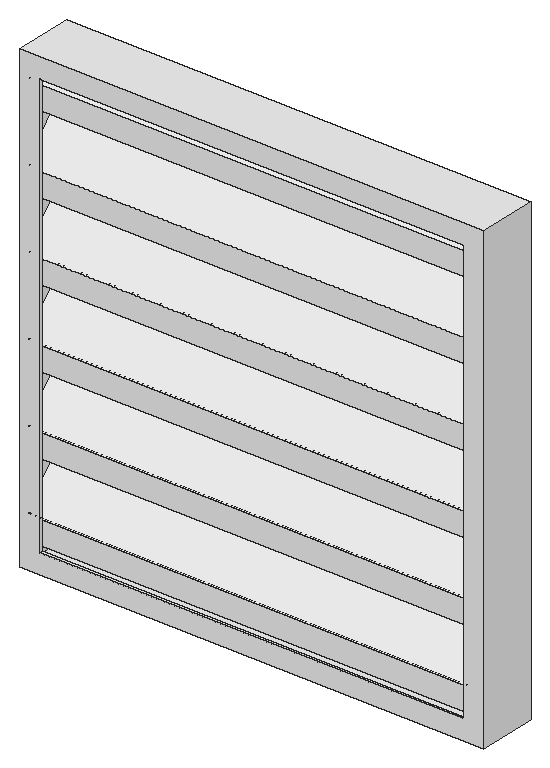
Revit family "Ventüer_VentilationLouvres_VL-70S", category Generic Models, Revit 2020
Family settings
  Can host rebar = No
  Round Connector Dimension = Use Diameter
  Part Type = Normal
  Work Plane-Based = Yes
  Always vertical = No
  Cut with Voids When Loaded = Yes
  Shared = No
  Room Calculation Point = No
Parameters (values of type "VL-70S_CF")
  Ventüer Product Range = "Ventilation Louvres"  # constant formula
  URL = "https://www.ventuer.co/products/ventilation-louvres/vl-70s"
  Top Blade Height = Overall Opening Height - (Blade And Frame Gap + Blade Cut Offset)  # 60 mm
  Tee = if(Exact Neck Height - 1000 mm > 0 mm, 1 = 1, 1 = 0)  # no
  Static Pressure Min = 10.0 Pa
  Static Pressure Max = 60.0 Pa
  Specified Pressure Drop = 21.0 Pa
  Specified Air Flow = 0.0 L/s
  Single Transition = if(Frame Set Count = 2, 1 = 1, 1 = 0)  # no
  Single Frame Set Width = Frame Set Width / Frame Set Count Check  # 294 mm
  Single Frame Set = if(Frame Set Count = 1, 1 = 1, 1 = 0)  # yes
  Screen Symbol Distance = 3 mm
  Flatbar = if(Exact Neck Height - 1000 mm < 0 mm, 1 = 1, 1 = 0)  # yes
  Blade Offset = 3 mm
  Rain Defence Performance = ""
  Profile Width = 3 mm
  Overall Opening Width = Exact Neck Width Check - (Profile Width * 2)  # 588 mm
  Overall Opening Height = Exact Neck Height Check - (Profile Width + Base Width)  # 588 mm
  Nominated Pessure Drop = if(Specified Pressure Drop > Static Pressure Max, Static Pressure Max, if(Specified Pressure Drop < Static Pressure Min, Static Pressure Min, Specified Pressure Drop))  # 21.0 Pa
  Nominated Air Flow = if(Specified Air Flow > Max Flow, Max Flow, if(Specified Air Flow < Min Flow, Min Flow, Specified Air Flow))  # 100.0 L/s
  Nominal Width = 600 mm
  Nominal Height = 600 mm
  Noise Level NC Min = "0.00 NC"
  Noise Level NC Max = "0.00 NC"
  Multiple Transition = if(Frame Set Count > 2, 1 = 1, 1 = 0)  # no
  Multiple Frame Set = if(Frame Set Count > 1, 1 = 1, 1 = 0)  # no
  Model = "VL-70S"  # constant formula
  Min Flow = 100.0 L/s
  Max Flow = 5000.0 L/s
  Manufacturer = "Ventüer"  # constant formula
  Keynote = "VL-70S_CF"
  Blade And Frame Gap = 28 mm
  Frame Set Width = Exact Neck Width Check - (Profile Width * 2)  # 588 mm
  Frame Set Transition Count Check = if(Frame Set Transition Count < 2, 2, Frame Set Transition Count)  # 2
  Frame Set Transition Count = Frame Set Count Check - 1  # 1
  Frame Set Count Check = if(Frame Set Count < 2, 2, Frame Set Count)  # 2
  Frame Set Count = roundup(Exact Neck Width Check / 1000 mm)  # 1
  Frame Material = Ventüer Aluminium
  Exact Neck Width Check = if(Exact Neck Width < 300 mm, 300 mm, if(Exact Neck Width > 4000 mm, 4000 mm, Exact Neck Width))  # 594 mm
  Exact Neck Width = Nominal Width - 6 mm  # 594 mm
  Exact Neck Height Check = if(Exact Neck Height < 300 mm, 300 mm, if(Exact Neck Height > 6000 mm, 6000 mm, Exact Neck Height))  # 594 mm
  Exact Neck Height = Nominal Height - 6 mm  # 594 mm
  Description = "Durable Plant Screening"  # constant formula
  Depth = 75 mm
  Default Elevation = 1219.2 mm
  Connector Width = Overall Opening Width  # 588 mm
  Connector Height = Overall Opening Height  # 588 mm
  Blade Material = Ventüer Aluminium
  Blade Cut Offset = Blade Count * Blade Centres  # 500 mm
  Blade Count = (Exact Neck Height Check - (Base Width + Profile Width)) / Blade Centres - 1  # 5
  Blade Centres = 100 mm
  Base Width = 3 mm
  Ancillaries = "Bird Mesh, Insect Mesh, Solid Blanking, Electric Actuators, Manual Lever Handles, Perimeter Mounting Angle"
  Aerodynamic Performance = ""
Reference planes
  plane 1 "Front": y = 0
  plane 2: z = 0
  plane 3 "Center (Left/Right)": x = 0
  plane 4: x = 297
  plane 5: x = -297
  plane 6: y = 75
  plane 7: z = 594
  plane 8: z = 3
  plane 9: x = -294
  plane 10: x = 294
  plane 11: z = 31
  plane 12: z = 131
  plane 13: z = 531
  plane 14: z = 591
  plane 15: y = 72
  plane 16: x = 0
  plane 17: x = 294
  plane 18: y = 72
  plane 19: y = 37.5
  plane 20: z = 297
Lines and regions (mm)
  symbolic lines, style "GenericModelHiddenLines", detail levels fine
    curve 1: line (-294, 72, 0) -> (294, 72, 0)
    curve 2: line (0, 72, 3) -> (0, 72, 591)
  symbolic lines, style "GenericModel", detail levels fine
    curve 3: line (0, 75, 3) -> (0, 75, 591)
Dimensions and locks
  equal spacing: plane 5, plane 3 "Center (Left/Right)", plane 4
  "Exact Neck Width Check": plane 5 to plane 4
  "Depth": plane 1 "Front" to plane 6
  "Base Width": plane 8 to level
  "Blade And Frame Gap": plane 11 to plane 8
  "Blade Centres": plane 12 to plane 11
  "Blade Cut Offset": plane 13 to plane 11
  "Overall Opening Height": plane 14 to plane 8
  "Exact Neck Height Check": plane 7 to level
  "Profile Width": plane 5 to plane 9
  "Profile Width": plane 10 to plane 4
  equal spacing: group 1, group 2, group 3, group 4, group 5  (x3)
  "Blade Offset": plane 6 to plane 15
  "Single Frame Set Width": plane 9 to plane 16
  "Single Frame Set Width": plane 16 to plane 17
  group 6 to group 7 = 294 mm
  group 6 to group 7 = 0 mm  (x2)
  "Screen Symbol Distance": plane 6 to plane 18
  equal spacing: plane 1 "Front", plane 19, plane 6
  equal spacing: plane 7, plane 20, level
  aligned and locked: level to plane 2
  aligned and locked: plane 3 "Center (Left/Right)" to nested 1
  aligned and locked: plane 3 "Center (Left/Right)" to nested 2
  aligned and locked: plane 3 "Center (Left/Right)" to nested 3
  aligned and locked: plane 6 to nested 3
  aligned and locked: plane 3 "Center (Left/Right)" to nested 4
  aligned and locked: plane 11 to nested 1
  aligned and locked: plane 12 to nested 4
  aligned and locked: nested 1 to plane 15
  aligned and locked: nested 4 to plane 15
  aligned and locked: plane 13 to nested 2
  aligned and locked: nested 2 to plane 15
  aligned and locked: nested 9 to plane 16
  aligned and locked: nested 10 to plane 17
  aligned and locked: nested 10 to plane 15
  aligned and locked: nested 9 to plane 15
  aligned and locked: plane 9 to curve 1
  aligned and locked: curve 2 to plane 18
  aligned and locked: plane 18 to curve 1
  aligned and locked: plane 10 to curve 1
  aligned and locked: plane 14 to curve 2
  aligned and locked: plane 8 to curve 2
  aligned and locked: curve 3 to plane 6
  aligned and locked: nested 10 to plane 8
  aligned and locked: nested 9 to plane 8
  aligned and locked: plane 8 to nested 8
  aligned and locked: nested 8 to plane 15
Automatic sketch dimensions
  curve 1 to plane 18 = 0 mm
  curve 3 to plane 14 = 0 mm
  curve 3 to plane 8 = 0 mm
Nested families
  nested 1: "VL-70S_Front Blade" at (0, 72, 31), Length <- "Frame Set Width", type "VL-70S_Front Blade"
    with Length 588 mm
  nested 2: "VL-70S_Top Blade" at (0, 72, 531), type "VL-70S_Front Blade"
    with Top Blade Cut Height 60 mm, Length 588 mm
  nested 3: "VL-70S_ChannelFrame" at (0, 0, 0), type "VL-70S_Front Blade"
    with Width 594 mm, Height 594 mm
  nested 4: "VL-70S_Front Blade" at (0, 72, 131), Length <- "Frame Set Width", type "VL-70S_Front Blade"
    with Length 588 mm
  nested 5: "VL-70S_Front Blade" at (0, 72, 231), Length <- "Frame Set Width", type "VL-70S_Front Blade"
    with Length 588 mm
  nested 6: "VL-70S_Front Blade" at (0, 72, 331), Length <- "Frame Set Width", type "VL-70S_Front Blade"
    with Length 588 mm
  nested 7: "VL-70S_Front Blade" at (0, 72, 431), Length <- "Frame Set Width", type "VL-70S_Front Blade"
    with Length 588 mm
  nested 8: "VL-70SStiffener" at (0, 72, 3), visible <- "Single Transition", type "VL-70S_Stiffener"
    with Length 588 mm
  nested 9: "VL-70SStiffener" at (0, 72, 3), visible <- "Multiple Transition", type "VL-70S_Stiffener"
    with Length 588 mm
  nested 10: "VL-70SStiffener" at (294, 72, 3), visible <- "Multiple Transition", type "VL-70S_Stiffener"
    with Length 588 mm
Connectors
  hvac at (0, 75, 297), driven by "Overall Opening Height", driven by "Overall Opening Width"
    settings: on nested 3, index 1, duct flow 0.0 L/s, flow factor 0, pres drop 0.0 Pa, loss coef 0, conn angle 0.00°, conn width 588 mm, conn height 588 mm, conn diameter 609.6 mm, duct sys type 1, conn prof type 1, flow config 0, flow direction 0, loss method 0, conn ref index -1, conn util no, is conn primary yes, conn desc ""
Definition of nested family "VL-70S_Front Blade"
  Parameters (values of type "VL-70S_Front Blade")
    Length [instance] = 1000 mm
    Default Elevation = 0 mm
    Blade Material = none
  Reference planes
    plane 1 "Center (Front/Back)": y = 0
    plane 2: z = 0
    plane 3 "Center (Left/Right)": x = 0
    plane 4: x = 500
    plane 5: x = -500
  Forms (mm)
    Extrusion 1, solid, material <- "Blade Material", detail levels medium+fine
      sketch origin (-125, 410.132, -946.251) x (0, 1, 0) y (0, 0, 1)
        loop
          arc (-417.14, 1031.256) -> (-419.707, 1032.48) -> (-417.14, 1033.703) r 1.575
          arc (-417.14, 1033.703) -> (-415.872, 1033.71) -> (-415.63, 1034.954) r 1
          line (-415.63, 1034.954) -> (-416.411, 1035.735)
          arc (-416.411, 1035.735) -> (-416.557, 1036.088) -> (-416.412, 1036.441) r 0.5
          line (-416.412, 1036.441) -> (-410.132, 1042.751) -> (-410.132, 1072.751) -> (-425.132, 1072.751) -> (-425.132, 1070.751) -> (-412.132, 1070.751) -> (-412.132, 1043.577) -> (-479.133, 976.251) -> (-479.133, 946.251) -> (-464.132, 946.251) -> (-464.132, 948.251) -> (-477.132, 948.251) -> (-477.132, 975.013)
          arc (-477.132, 975.013) -> (-477.057, 975.394) -> (-476.841, 975.718) r 1
          line (-476.841, 975.718) -> (-475.609, 976.957)
          arc (-475.609, 976.957) -> (-475.284, 977.175) -> (-474.9, 977.251) r 1
          line (-474.9, 977.251) -> (-473.813, 977.251) -> (-473.813, 974.251)
          arc (-473.813, 974.251) -> (-473.667, 973.898) -> (-473.313, 973.751) r 0.5
          line (-473.313, 973.751) -> (-472.313, 973.751)
          arc (-472.313, 973.751) -> (-471.959, 973.898) -> (-471.813, 974.251) r 0.5
          line (-471.813, 974.251) -> (-471.813, 975.151)
          arc (-471.813, 975.151) -> (-471.659, 975.512) -> (-471.291, 975.651) r 0.5
          arc (-471.291, 975.651) -> (-470.013, 975.827) -> (-468.88, 976.445) r 3.575
          arc (-468.88, 976.445) -> (-468.734, 977.852) -> (-470.14, 977.999) r 1
          arc (-470.14, 977.999) -> (-472.707, 979.222) -> (-470.14, 980.445) r 1.575
          arc (-470.14, 980.445) -> (-468.858, 980.464) -> (-468.648, 981.729) r 1
          line (-468.648, 981.729) -> (-469.439, 982.381)
          arc (-469.439, 982.381) -> (-469.621, 982.742) -> (-469.476, 983.119) r 0.5
          line (-469.476, 983.119) -> (-422.021, 1030.804)
          arc (-422.021, 1030.804) -> (-421.601, 1030.948) -> (-421.233, 1030.701) r 0.5
          arc (-421.233, 1030.701) -> (-418.787, 1028.965) -> (-415.88, 1029.703) r 3.575
          arc (-415.88, 1029.703) -> (-415.734, 1031.109) -> (-417.14, 1031.256) r 1
      from -375 to 625
    Extrusion 2, solid, material <- "Blade Material", detail levels coarse
      sketch origin (-125, 410.132, -946.251) x (0, 1, 0) y (0, 0, 1)
        loop
          line (-479.133, 946.251) -> (-410.132, 946.251) -> (-410.132, 1072.751) -> (-425.132, 1072.751) -> (-425.132, 1030.514) -> (-479.133, 976.251) -> (-479.133, 946.251)
      from -375 to 625
  Dimensions and locks
    equal spacing: plane 4, plane 3 "Center (Left/Right)", plane 5
    "Length": plane 4 to plane 5
    aligned and locked: level to plane 2
    aligned and locked: plane 4 to Extrusion 1
    aligned and locked: plane 5 to Extrusion 1
    aligned and locked: plane 4 to Extrusion 2
    aligned and locked: plane 5 to Extrusion 2
  Automatic sketch dimensions
    Extrusion 2 sketch curve to level = 0 mm
    Extrusion 2 sketch curve to plane 1 "Center (Front/Back)" = 0 mm
    plane 1 "Center (Front/Back)" to Extrusion 2 sketch curve = 15 mm
    Extrusion 2 sketch curve to Extrusion 2 sketch curve = 69 mm
    level to Extrusion 2 sketch curve = 30 mm
    Extrusion 2 sketch curve to Extrusion 2 sketch curve = 54.263 mm
    Extrusion 2 sketch curve to Extrusion 2 sketch curve = 42.238 mm
    Extrusion 1 sketch curve to Extrusion 1 sketch curve = 0 mm  (x9)
    Extrusion 1 sketch curve to level = 0 mm
    Extrusion 1 sketch curve to plane 1 "Center (Front/Back)" = 0 mm
    plane 1 "Center (Front/Back)" to Extrusion 1 sketch curve = 2 mm
    plane 1 "Center (Front/Back)" to Extrusion 1 sketch curve = 5.498 mm
    Extrusion 1 sketch curve to Extrusion 1 sketch curve = 0.427 mm
    Extrusion 1 sketch curve to Extrusion 1 sketch curve = 0.354 mm  (x5)
    Extrusion 1 sketch curve to Extrusion 1 sketch curve = 0.88 mm  (x2)
    Extrusion 1 sketch curve to Extrusion 1 sketch curve = 1.622 mm  (x2)
    Extrusion 1 sketch curve to Extrusion 1 sketch curve = 3.535 mm
    Extrusion 1 sketch curve to Extrusion 1 sketch curve = 13 mm  (x2)
    plane 1 "Center (Front/Back)" to Extrusion 1 sketch curve = 54 mm
    Extrusion 1 sketch curve to Extrusion 1 sketch curve = 4.516 mm
    Extrusion 1 sketch curve to Extrusion 1 sketch curve = 0.473 mm
    Extrusion 1 sketch curve to Extrusion 1 sketch curve = 0.318 mm
    Extrusion 1 sketch curve to Extrusion 1 sketch curve = 0.862 mm
    Extrusion 1 sketch curve to Extrusion 1 sketch curve = 1.803 mm
    Extrusion 1 sketch curve to Extrusion 1 sketch curve = 0.5 mm  (x2)
    Extrusion 1 sketch curve to Extrusion 1 sketch curve = 1 mm
    Extrusion 1 sketch curve to Extrusion 1 sketch curve = 2 mm  (x7)
    Extrusion 1 sketch curve to Extrusion 1 sketch curve = 1.087 mm
    level to Extrusion 1 sketch curve = 30.705 mm
    Extrusion 1 sketch curve to Extrusion 1 sketch curve = 0.709 mm  (x2)
    Extrusion 1 sketch curve to Extrusion 1 sketch curve = 1.232 mm
    level to Extrusion 1 sketch curve = 29.467 mm
    level to Extrusion 1 sketch curve = 2 mm
    level to Extrusion 1 sketch curve = 30 mm
    Extrusion 1 sketch curve to Extrusion 1 sketch curve = 1.262 mm
    Extrusion 1 sketch curve to Extrusion 1 sketch curve = 0.9 mm
    Extrusion 1 sketch curve to Extrusion 1 sketch curve = 0.705 mm
    Extrusion 1 sketch curve to Extrusion 1 sketch curve = 2.071 mm
    Extrusion 1 sketch curve to Extrusion 1 sketch curve = 0.507 mm
    Extrusion 1 sketch curve to Extrusion 1 sketch curve = 0.652 mm
    Extrusion 1 sketch curve to Extrusion 1 sketch curve = 0.386 mm
    Extrusion 1 sketch curve to Extrusion 1 sketch curve = 47.685 mm
    Extrusion 1 sketch curve to Extrusion 1 sketch curve = 0.028 mm
    Extrusion 1 sketch curve to Extrusion 1 sketch curve = 0.353 mm
    Extrusion 1 sketch curve to Extrusion 1 sketch curve = 0.474 mm
    Extrusion 1 sketch curve to Extrusion 1 sketch curve = 0.781 mm
    Extrusion 1 sketch curve to Extrusion 1 sketch curve = 6.31 mm
    Extrusion 1 sketch curve to Extrusion 1 sketch curve = 0.826 mm
    Extrusion 1 sketch curve to Extrusion 1 sketch curve = 27.174 mm
    Extrusion 1 sketch curve to Extrusion 1 sketch curve = 0.63 mm  (x2)
Definition of nested family "VL-70S_Top Blade"
  Parameters (values of type "VL-70S_Front Blade")
    Top Blade Cut Height = 66 mm
    Length = 3094 mm
    Default Elevation = 0 mm
    Blade Material = none
  Reference planes
    plane 1 "Center (Front/Back)": y = 0
    plane 2: z = 0
    plane 3 "Center (Left/Right)": x = 0
    plane 4: x = 1547
    plane 5: x = -1547
    plane 6: z = 126.5
    plane 7: z = 136.5
    plane 8: y = -69
    plane 9: y = -79
    plane 10: y = 10
    plane 11: z = 66
  Forms (mm)
    Extrusion 1, void
      sketch origin (0, 0, 0) x (0, 1, 0) y (0, 0, 1)
        loop
          line (10, 66) -> (10, 136.5) -> (-79, 136.5) -> (-79, 66) -> (10, 66)
      from -1547 to 1547
    Extrusion 2, solid, material <- "Blade Material", detail levels medium+fine
      sketch origin (-125, 410.132, -946.251) x (0, 1, 0) y (0, 0, 1)
        loop
          arc (-417.14, 1031.256) -> (-419.707, 1032.48) -> (-417.14, 1033.703) r 1.575
          arc (-417.14, 1033.703) -> (-415.872, 1033.71) -> (-415.63, 1034.954) r 1
          line (-415.63, 1034.954) -> (-416.411, 1035.735)
          arc (-416.411, 1035.735) -> (-416.557, 1036.088) -> (-416.412, 1036.441) r 0.5
          line (-416.412, 1036.441) -> (-410.132, 1042.751) -> (-410.132, 1072.751) -> (-425.132, 1072.751) -> (-425.132, 1070.751) -> (-412.132, 1070.751) -> (-412.132, 1043.577) -> (-479.133, 976.251) -> (-479.133, 946.251) -> (-464.132, 946.251) -> (-464.132, 948.251) -> (-477.132, 948.251) -> (-477.132, 975.013)
          arc (-477.132, 975.013) -> (-477.057, 975.394) -> (-476.841, 975.718) r 1
          line (-476.841, 975.718) -> (-475.609, 976.957)
          arc (-475.609, 976.957) -> (-475.284, 977.175) -> (-474.9, 977.251) r 1
          line (-474.9, 977.251) -> (-473.813, 977.251) -> (-473.813, 974.251)
          arc (-473.813, 974.251) -> (-473.667, 973.898) -> (-473.313, 973.751) r 0.5
          line (-473.313, 973.751) -> (-472.313, 973.751)
          arc (-472.313, 973.751) -> (-471.959, 973.898) -> (-471.813, 974.251) r 0.5
          line (-471.813, 974.251) -> (-471.813, 975.151)
          arc (-471.813, 975.151) -> (-471.659, 975.512) -> (-471.291, 975.651) r 0.5
          arc (-471.291, 975.651) -> (-470.013, 975.827) -> (-468.88, 976.445) r 3.575
          arc (-468.88, 976.445) -> (-468.734, 977.852) -> (-470.14, 977.999) r 1
          arc (-470.14, 977.999) -> (-472.707, 979.222) -> (-470.14, 980.445) r 1.575
          arc (-470.14, 980.445) -> (-468.858, 980.464) -> (-468.648, 981.729) r 1
          line (-468.648, 981.729) -> (-469.439, 982.381)
          arc (-469.439, 982.381) -> (-469.621, 982.742) -> (-469.476, 983.119) r 0.5
          line (-469.476, 983.119) -> (-422.021, 1030.804)
          arc (-422.021, 1030.804) -> (-421.601, 1030.948) -> (-421.233, 1030.701) r 0.5
          arc (-421.233, 1030.701) -> (-418.787, 1028.965) -> (-415.88, 1029.703) r 3.575
          arc (-415.88, 1029.703) -> (-415.734, 1031.109) -> (-417.14, 1031.256) r 1
      from -1422 to 1672
    Extrusion 3, solid, material <- "Blade Material", detail levels coarse
      sketch origin (-125, 410.132, -946.251) x (0, 1, 0) y (0, 0, 1)
        loop
          line (-479.133, 946.251) -> (-410.132, 946.251) -> (-410.132, 1072.751) -> (-425.132, 1072.751) -> (-425.132, 1030.514) -> (-479.133, 976.251) -> (-479.133, 946.251)
      from -1422 to 1672
  Cuts and joins
    Extrusion 1 cuts Extrusion 3
    Extrusion 1 cuts Extrusion 2
  Dimensions and locks
    equal spacing: plane 4, plane 3 "Center (Left/Right)", plane 5
    "Length": plane 4 to plane 5
    "Top Blade Cut Height": plane 11 to level
    locked: plane 10 to plane 1 "Center (Front/Back)" at 10
    locked: plane 8 to plane 9 at 10
    locked: plane 6 to plane 7 at 10
    aligned and locked: level to plane 2
    aligned and locked: plane 5 to Extrusion 2
    aligned and locked: plane 4 to Extrusion 2
    aligned and locked: plane 4 to Extrusion 3
    aligned and locked: plane 5 to Extrusion 3
    aligned and locked: plane 4 to Extrusion 1
    aligned and locked: plane 5 to Extrusion 1
    aligned and locked: plane 10 to Extrusion 1 sketch curve
    aligned and locked: Extrusion 1 sketch curve to plane 7
    aligned and locked: Extrusion 1 sketch curve to plane 9
    aligned and locked: plane 11 to Extrusion 1 sketch curve
  Automatic sketch dimensions
    Extrusion 2 sketch curve to Extrusion 2 sketch curve = 0 mm  (x12)
    Extrusion 2 sketch curve to level = 0 mm
    plane 1 "Center (Front/Back)" to Extrusion 2 sketch curve = 0 mm
    plane 1 "Center (Front/Back)" to Extrusion 2 sketch curve = 2 mm
    plane 1 "Center (Front/Back)" to Extrusion 2 sketch curve = 5.498 mm
    Extrusion 2 sketch curve to Extrusion 2 sketch curve = 0.427 mm
    Extrusion 2 sketch curve to Extrusion 2 sketch curve = 0.354 mm  (x5)
    Extrusion 2 sketch curve to Extrusion 2 sketch curve = 0.88 mm  (x2)
    Extrusion 2 sketch curve to Extrusion 2 sketch curve = 1.622 mm  (x2)
    Extrusion 2 sketch curve to Extrusion 2 sketch curve = 3.535 mm
    Extrusion 2 sketch curve to Extrusion 2 sketch curve = 13 mm  (x2)
    level to Extrusion 2 sketch curve = 2 mm
    Extrusion 2 sketch curve to Extrusion 2 sketch curve = 0.473 mm
    Extrusion 2 sketch curve to Extrusion 2 sketch curve = 0.318 mm
    Extrusion 2 sketch curve to Extrusion 2 sketch curve = 0.862 mm
    Extrusion 2 sketch curve to Extrusion 2 sketch curve = 1.803 mm
    Extrusion 2 sketch curve to Extrusion 2 sketch curve = 0.5 mm  (x3)
    Extrusion 2 sketch curve to Extrusion 2 sketch curve = 1 mm
    Extrusion 2 sketch curve to Extrusion 2 sketch curve = 1.087 mm
    level to Extrusion 2 sketch curve = 30.705 mm
    Extrusion 2 sketch curve to Extrusion 2 sketch curve = 0.709 mm  (x2)
    Extrusion 2 sketch curve to Extrusion 2 sketch curve = 1.232 mm
    level to Extrusion 2 sketch curve = 29.467 mm
    Extrusion 2 sketch curve to Extrusion 2 sketch curve = 2 mm  (x6)
    Extrusion 2 sketch curve to Extrusion 2 sketch curve = 1.262 mm
    Extrusion 2 sketch curve to Extrusion 2 sketch curve = 0.9 mm
    Extrusion 2 sketch curve to Extrusion 2 sketch curve = 1.238 mm
    Extrusion 2 sketch curve to Extrusion 2 sketch curve = 0.705 mm
    Extrusion 2 sketch curve to Extrusion 2 sketch curve = 2.071 mm
    Extrusion 2 sketch curve to Extrusion 2 sketch curve = 0.507 mm
    Extrusion 2 sketch curve to Extrusion 2 sketch curve = 0.652 mm
    Extrusion 2 sketch curve to Extrusion 2 sketch curve = 0.386 mm
    Extrusion 2 sketch curve to Extrusion 2 sketch curve = 0.028 mm
    Extrusion 2 sketch curve to Extrusion 2 sketch curve = 0.353 mm
    Extrusion 2 sketch curve to Extrusion 2 sketch curve = 0.474 mm
    Extrusion 2 sketch curve to Extrusion 2 sketch curve = 0.781 mm
    Extrusion 2 sketch curve to Extrusion 2 sketch curve = 6.31 mm
    Extrusion 2 sketch curve to Extrusion 2 sketch curve = 0.826 mm
    Extrusion 2 sketch curve to Extrusion 2 sketch curve = 27.174 mm
    Extrusion 2 sketch curve to Extrusion 2 sketch curve = 0.63 mm  (x2)
    plane 1 "Center (Front/Back)" to Extrusion 2 sketch curve = 54 mm
    level to Extrusion 2 sketch curve = 35.478 mm
    Extrusion 2 sketch curve to Extrusion 2 sketch curve = 47.685 mm
    Extrusion 3 sketch curve to level = 0 mm
    Extrusion 3 sketch curve to plane 1 "Center (Front/Back)" = 0 mm
    plane 1 "Center (Front/Back)" to Extrusion 3 sketch curve = 15 mm
    Extrusion 3 sketch curve to Extrusion 3 sketch curve = 69 mm
    level to Extrusion 3 sketch curve = 30 mm
    Extrusion 3 sketch curve to Extrusion 3 sketch curve = 54.263 mm
    Extrusion 3 sketch curve to Extrusion 3 sketch curve = 42.238 mm
Definition of nested family "VL-70S_ChannelFrame"
  Parameters (values of type "VL-70S_Front Blade")
    Width = 3100 mm
    Height = 600 mm
    Depth = 75 mm
    Default Elevation = 0 mm
    Frame Material = none
  Reference planes
    plane 1 "Center (Front/Back)": y = 0
    plane 2: z = 0
    plane 3 "Center (Left/Right)": x = 0
    plane 4: x = 1550
    plane 5: x = -1550
    plane 6: z = 600
    plane 7: y = 75
    plane 8: z = 300
  Forms (mm)
    Sweep 1, solid, material <- "Frame Material"
      path origin (-4499.467, 0, 0) x (1, 0, 0) y (0, 0, 1)
        loop
          line (6049.467, 600) -> (2949.467, 600) -> (2949.467, 0) -> (6049.467, 0) -> (6049.467, 600)
      profile origin (1550, 0, 300) x (0, -1, 0) y (1, 0, 0)
        loop
          line (-72, -3) -> (-3, -3) -> (-3, -25) -> (0, -25) -> (0, 0) -> (-75, 0) -> (-75, -25) -> (-72, -25) -> (-72, -3)
  Dimensions and locks
    equal spacing: plane 4, plane 3 "Center (Left/Right)", plane 5
    "Width": plane 4 to plane 5
    "Height": plane 6 to level
    "Depth": plane 7 to plane 1 "Center (Front/Back)"
    equal spacing: plane 6, plane 8, level
    aligned and locked: level to plane 2
    aligned and locked: Sweep 1 sketch curve to plane 4
    aligned and locked: plane 5 to Sweep 1 sketch curve
    aligned and locked: Sweep 1 sketch curve to plane 6
    aligned and locked: Sweep 1 sketch curve to Sweep 1 sketch curve
    aligned and locked: Sweep 1 sketch curve to level
  Automatic sketch dimensions
    Sweep 1 sketch curve to profile plane = 0 mm
    profile plane to Sweep 1 sketch curve = 0 mm
    Sweep 1 sketch curve to Sweep 1 sketch curve = 3 mm  (x2)
    profile plane to Sweep 1 sketch curve = 3 mm
    Sweep 1 sketch curve to Sweep 1 sketch curve = 69 mm
    Sweep 1 sketch curve to Sweep 1 sketch curve = 22 mm
Definition of nested family "VL-70SStiffener"
  Parameters (values of type "VL-55S_Stiffener")
    Width = 50 mm  # constant formula
    Tee = no
    Length = 952.889 mm
    Flatbar = yes
    Default Elevation = 0 mm
    Blade Material = none
  Reference planes
    plane 1 "Center (Front/Back)": y = 0
    plane 2: z = 0
    plane 3 "Center (Left/Right)": x = 0
    plane 4: z = 952.889
    plane 5: y = 50
    plane 6: x = -25
    plane 7: x = 25
  Forms (mm)
    Extrusion 1, solid, material <- "Blade Material", visible <- "Tee"
      sketch origin (0, 0, 0) x (1, 0, 0) y (0, 1, 0)
        loop
          line (-25, 0) -> (25, 0) -> (25, 3) -> (1.5, 3) -> (1.5, 50) -> (-1.5, 50) -> (-1.5, 3) -> (-25, 3) -> (-25, 0)
      from 0 to 952.889
    Extrusion 2, solid, material <- "Blade Material", visible <- "Flatbar"
      sketch origin (0, 0, 0) x (1, 0, 0) y (0, 1, 0)
        loop
          line (-25, 0) -> (25, 0) -> (25, 3) -> (0.347, 3) -> (-25, 3) -> (-25, 0)
      from 0 to 952.889
  Dimensions and locks
    "Length": plane 4 to level
    "Width": plane 1 "Center (Front/Back)" to plane 5
    equal spacing: plane 6, plane 3 "Center (Left/Right)", plane 7
    plane 6 to plane 7 = 50 mm
    locked: plane 1 "Center (Front/Back)" to Extrusion 2 sketch curve at 3
    aligned and locked: level to plane 2
    aligned and locked: plane 4 to Extrusion 1
    aligned and locked: Extrusion 1 to level
    aligned and locked: plane 5 to Extrusion 1
    aligned and locked: Extrusion 1 sketch curve to Extrusion 1 sketch curve
    aligned and locked: Extrusion 2 sketch curve to Extrusion 2 sketch curve
    aligned and locked: plane 1 "Center (Front/Back)" to Extrusion 2 sketch curve
    aligned and locked: Extrusion 2 to level
    aligned and locked: plane 4 to Extrusion 2
  Automatic sketch dimensions
    Extrusion 1 sketch curve to plane 5 = 0 mm
    Extrusion 1 sketch curve to plane 1 "Center (Front/Back)" = 0 mm
    Extrusion 1 sketch curve to plane 3 "Center (Left/Right)" = 25 mm
    Extrusion 1 sketch curve to plane 3 "Center (Left/Right)" = 1.5 mm
    plane 3 "Center (Left/Right)" to Extrusion 1 sketch curve = 1.5 mm
    Extrusion 1 sketch curve to Extrusion 1 sketch curve = 23.5 mm
    Extrusion 1 sketch curve to plane 1 "Center (Front/Back)" = 3 mm
    Extrusion 2 sketch curve to plane 6 = 0 mm
    Extrusion 2 sketch curve to plane 7 = 0 mm
    plane 3 "Center (Left/Right)" to Extrusion 2 sketch curve = 0.347 mm
